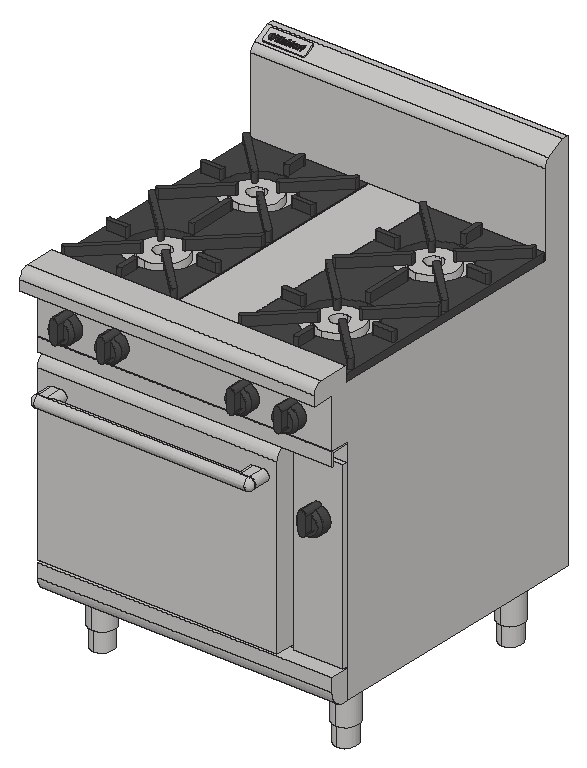
Revit family "QF_MOFFAT WALDORF_RN8510G", category Specialty Equipment, Revit 2012 (continued)
Definition of nested family "WALDORF LOGO"
  Forms (mm)
    Extrusion 2, solid, material "QF_Finishes_Black", visible <- "Show Logo"
      sketch origin (0, -15.961, 9.072) x (1, 0, 0) y (0, 0.863373, 0.504566)
        loop
          line (84.549, 17.844) -> (84.549, 19.813) -> (81.255, 19.813)
        loop
          line (90.249, 19.813) -> (88.91, 19.813) -> (88.91, 17.614) -> (90.249, 17.614) -> (90.249, 10.301) -> (93.998, 10.301) -> (93.998, 17.614) -> (95.418, 17.614) -> (95.418, 19.813) -> (93.998, 19.813)
          arc (93.998, 19.813) -> (94.414, 20.817) -> (95.418, 21.233) r 1.42
          line (95.418, 21.233) -> (95.418, 23.602) -> (93.317, 23.602)
          arc (93.317, 23.602) -> (91.343, 22.903) -> (90.249, 21.118) r 3.137
          line (90.249, 21.118) -> (90.249, 19.813)
        loop
          arc (15.241, 23.571) -> (8.392, 16.525) -> (15.241, 9.479) r 7.049
          line (15.241, 9.479) -> (15.241, 23.571)
        loop
          line (15.641, 23.571) -> (15.641, 9.479)
          arc (15.641, 9.479) -> (22.49, 16.525) -> (15.641, 23.571) r 7.049
        loop
          arc (47.922, 14.711) -> (46.266, 13.749) -> (47.922, 12.787) r 1.107
          line (47.922, 12.787) -> (47.922, 14.711)
      from 0 to 0.2
  Dimensions and locks
    equal spacing: plane 3 "LEFT", plane 7 "Center Y", plane 4 "RIGHT"
    plane 3 "LEFT" to plane 4 "RIGHT" = 109 mm
    equal spacing: plane 5 "FRONT", plane 8 "Center X", plane 1 "BACK"
    plane 5 "FRONT" to plane 1 "BACK" = 1.588 mm
    aligned and locked: level to plane 2
  Automatic sketch dimensions
    Extrusion 1 sketch curve to plane 3 "LEFT" = 0 mm
    Extrusion 1 sketch curve to plane 4 "RIGHT" = 0 mm
    plane 3 "LEFT" to Extrusion 1 sketch curve = 5 mm  (x2)
    plane 4 "RIGHT" to Extrusion 1 sketch curve = 5 mm  (x2)
    Extrusion 1 sketch curve to Extrusion 1 sketch curve = 24.14 mm
    Extrusion 2 sketch curve to Extrusion 2 sketch curve = 0 mm  (x14)
    Extrusion 2 sketch curve to Extrusion 1 = 15.241 mm
    Extrusion 2 sketch curve to Extrusion 2 sketch curve = 0.2 mm
    Extrusion 2 sketch curve to Extrusion 2 sketch curve = 0.4 mm
    Extrusion 2 sketch curve to Extrusion 2 sketch curve = 9.131 mm
    Extrusion 2 sketch curve to Extrusion 1 = 10.301 mm  (x2)
    Extrusion 2 sketch curve to Extrusion 2 sketch curve = 12.351 mm
    Extrusion 2 sketch curve to Extrusion 2 sketch curve = 3.628 mm
    Extrusion 2 sketch curve to Extrusion 2 sketch curve = 2.084 mm
    Extrusion 2 sketch curve to Extrusion 2 sketch curve = 3.559 mm
    Extrusion 2 sketch curve to Extrusion 1 = 10.926 mm  (x2)
    Extrusion 2 sketch curve to Extrusion 2 sketch curve = 3.352 mm  (x2)
    Extrusion 2 sketch curve to Extrusion 2 sketch curve = 3.367 mm
    Extrusion 2 sketch curve to Extrusion 2 sketch curve = 3.249 mm
    Extrusion 2 sketch curve to Extrusion 2 sketch curve = 3.654 mm
    Extrusion 2 sketch curve to Extrusion 1 = 15.33 mm
    Extrusion 2 sketch curve to Extrusion 2 sketch curve = 3.233 mm
    Extrusion 2 sketch curve to Extrusion 2 sketch curve = 4.128 mm
    Extrusion 2 sketch curve to Extrusion 2 sketch curve = 3.725 mm
    Extrusion 2 sketch curve to Extrusion 2 sketch curve = 5.596 mm
    Extrusion 2 sketch curve to Extrusion 2 sketch curve = 4.333 mm
    Extrusion 2 sketch curve to Extrusion 2 sketch curve = 1.394 mm
    Extrusion 2 sketch curve to Extrusion 2 sketch curve = 2.092 mm
    Extrusion 2 sketch curve to Extrusion 2 sketch curve = 0.936 mm
    Extrusion 2 sketch curve to Extrusion 2 sketch curve = 1.34 mm
    Extrusion 2 sketch curve to Extrusion 2 sketch curve = 1.109 mm
    Extrusion 2 sketch curve to Extrusion 2 sketch curve = 0.232 mm
    Extrusion 2 sketch curve to Extrusion 2 sketch curve = 2.731 mm
    Extrusion 2 sketch curve to Extrusion 2 sketch curve = 0.549 mm  (x2)
    Extrusion 2 sketch curve to Extrusion 2 sketch curve = 0.407 mm
    Extrusion 2 sketch curve to Extrusion 2 sketch curve = 0.76 mm
    Extrusion 2 sketch curve to Extrusion 2 sketch curve = 1.334 mm
    Extrusion 2 sketch curve to Extrusion 2 sketch curve = 4.219 mm
    Extrusion 2 sketch curve to Extrusion 2 sketch curve = 5.142 mm
    Extrusion 2 sketch curve to Extrusion 2 sketch curve = 0.803 mm
    Extrusion 2 sketch curve to Extrusion 2 sketch curve = 1.558 mm
    Extrusion 2 sketch curve to Extrusion 2 sketch curve = 3.504 mm
    Extrusion 2 sketch curve to Extrusion 2 sketch curve = 6.245 mm
    Extrusion 2 sketch curve to Extrusion 2 sketch curve = 6.632 mm
    Extrusion 2 sketch curve to Extrusion 2 sketch curve = 3.294 mm
    Extrusion 2 sketch curve to Extrusion 2 sketch curve = 3.579 mm
    Extrusion 2 sketch curve to Extrusion 2 sketch curve = 2.313 mm
    Extrusion 2 sketch curve to Extrusion 2 sketch curve = 2.612 mm
    Extrusion 2 sketch curve to Extrusion 2 sketch curve = 0.852 mm
    Extrusion 2 sketch curve to Extrusion 2 sketch curve = 0.897 mm
    Extrusion 2 sketch curve to Extrusion 2 sketch curve = 3.102 mm
    Extrusion 2 sketch curve to Extrusion 2 sketch curve = 1.338 mm
    Extrusion 2 sketch curve to Extrusion 2 sketch curve = 3.068 mm
    Extrusion 2 sketch curve to Extrusion 2 sketch curve = 0.681 mm
    Extrusion 2 sketch curve to Extrusion 2 sketch curve = 3.749 mm
    Extrusion 2 sketch curve to Extrusion 2 sketch curve = 1.42 mm
    Extrusion 2 sketch curve to Extrusion 2 sketch curve = 5.029 mm  (x2)
    Extrusion 2 sketch curve to Extrusion 1 = 9.479 mm
    Extrusion 2 sketch curve to Extrusion 2 sketch curve = 3.681 mm
    Extrusion 2 sketch curve to Extrusion 2 sketch curve = 0.515 mm
    Extrusion 2 sketch curve to Extrusion 2 sketch curve = 0.804 mm
    Extrusion 2 sketch curve to Extrusion 2 sketch curve = 1.062 mm
    Extrusion 2 sketch curve to Extrusion 2 sketch curve = 1.682 mm
    Extrusion 2 sketch curve to Extrusion 2 sketch curve = 2.508 mm
    Extrusion 2 sketch curve to Extrusion 2 sketch curve = 0.962 mm
    Extrusion 2 sketch curve to Extrusion 2 sketch curve = 2.528 mm
    Extrusion 2 sketch curve to Extrusion 2 sketch curve = 3.875 mm
    Extrusion 2 sketch curve to Extrusion 2 sketch curve = 1.096 mm
    Extrusion 2 sketch curve to Extrusion 2 sketch curve = 0.123 mm
    Extrusion 2 sketch curve to Extrusion 2 sketch curve = 4.922 mm
    Extrusion 2 sketch curve to Extrusion 2 sketch curve = 7.046 mm
    Extrusion 2 sketch curve to Extrusion 2 sketch curve = 0.833 mm
    Extrusion 2 sketch curve to Extrusion 2 sketch curve = 0.776 mm
    Extrusion 2 sketch curve to Extrusion 2 sketch curve = 2.034 mm
    Extrusion 2 sketch curve to Extrusion 2 sketch curve = 7.314 mm
    Extrusion 2 sketch curve to Extrusion 2 sketch curve = 1.295 mm
    Extrusion 2 sketch curve to Extrusion 2 sketch curve = 0.749 mm
    Extrusion 2 sketch curve to Extrusion 2 sketch curve = 2.633 mm
    Extrusion 2 sketch curve to Extrusion 2 sketch curve = 2.198 mm  (x2)
    Extrusion 2 sketch curve to Extrusion 2 sketch curve = 1.968 mm
    Extrusion 2 sketch curve to Extrusion 2 sketch curve = 0.653 mm
    Extrusion 2 sketch curve to Extrusion 2 sketch curve = 1.305 mm
    Extrusion 2 sketch curve to Extrusion 2 sketch curve = 4.357 mm
    Extrusion 2 sketch curve to Extrusion 2 sketch curve = 6.159 mm
    radius of Extrusion 2 sketch curve = 5 mm
Definition of nested family "RNL8400G-CB-CASTERS"
  Parameters (values of type "BTL8450-CB-CASTERS")
    Weight = ""
    URL Manufacturer = ""
    URL Cutsheet = ""
    URL = ""
    Type Mark [instance] = ""
    Status [instance] = ""
    Specification by User [instance] = ""
    Specification by Manufacturer = ""
    Show Casters [instance] = no
    Serial Number = ""
    Seismic Rating = ""
    SMACNA No = ""
    Revision Code [instance] = ""
    Omniclass Number and Title = ""
    NAFEM Spec ID Number = ""
    Model = ""
    MasterSpec. = ""
    Manufacturer = ""
    Item Number [instance] = ""
    Installed By [instance] = ""
    Identify Quantity as Lot [instance] = yes
    Furnished By [instance] = ""
    Foodservice Equipment Identifier [instance] = yes
    Description = ""
    CSI MasterFormat = ""
    CSI Master Format = ""
    Assembly Code = ""
  Reference planes
    plane 1: z = 0
    plane 2 "RIGHT": x = 0
    plane 3 "FRONT": y = 0
    plane 4 "TOP": z = 177.8
  Forms (mm)
    Revolve 1, solid, material "QF_Finishes_Stainless Steel", visible <- "Show Casters"
      sketch origin (0, 56.335, 0) x (0, 1, 0) y (0, 0, 1)
        loop
          line (-56.335, 152.4) -> (-56.335, 141.118) -> (-23.798, 141.118) -> (-23.798, 152.4) -> (-56.335, 152.4)
        axis (-56.335, 141.118) -> (-56.335, 152.4)
      angle from 0 to 360
    Extrusion 2, solid, material "QF_Finishes_Stainless Steel", visible <- "Show Casters"
      sketch origin (-46.049, 56.335, 0) x (0, 1, 0) y (0, 0, 1)
        loop
          line (-85.799, 141.118) -> (-85.799, 133.498) -> (-82.136, 133.498)
          arc (-82.136, 133.498) -> (-79.344, 132.328) -> (-77.146, 130.248) r 8.432
          line (-77.146, 130.248) -> (-39.502, 49.52)
          arc (-39.502, 49.52) -> (-13.784, 46.107) -> (-5.673, 70.75) r 20.32
          arc (-5.673, 70.75) -> (-7.065, 73.611) -> (-8.887, 76.22) r 20.32
          arc (-8.887, 76.22) -> (-9.399, 85.377) -> (-6.626, 94.119) r 25.4
          line (-6.626, 94.119) -> (8.003, 121.632)
          arc (8.003, 121.632) -> (-2.347, 126.31) -> (-13.34, 129.167) r 66.802
          line (-13.34, 129.167) -> (-13.765, 133.498) -> (-26.871, 133.498) -> (-26.871, 141.118) -> (-85.799, 141.118)
      from 20.058 to 22.923
    Extrusion 3, solid, material "QF_Finishes_Stainless Steel", visible <- "Show Casters"
      sketch origin (3.326, 56.335, 0) x (0, 1, 0) y (0, 0, 1)
        loop
          line (-85.799, 141.118) -> (-85.799, 133.498) -> (-82.136, 133.498)
          arc (-82.136, 133.498) -> (-79.344, 132.328) -> (-77.146, 130.248) r 8.432
          line (-77.146, 130.248) -> (-39.502, 49.52)
          arc (-39.502, 49.52) -> (-13.784, 46.107) -> (-5.673, 70.75) r 20.32
          arc (-5.673, 70.75) -> (-7.065, 73.611) -> (-8.887, 76.22) r 20.32
          arc (-8.887, 76.22) -> (-9.399, 85.377) -> (-6.626, 94.119) r 25.4
          line (-6.626, 94.119) -> (8.003, 121.632)
          arc (8.003, 121.632) -> (-2.347, 126.31) -> (-13.34, 129.167) r 66.802
          line (-13.34, 129.167) -> (-13.765, 133.498) -> (-26.871, 133.498) -> (-26.871, 141.118) -> (-85.799, 141.118)
      from 20.058 to 22.923
    Extrusion 4, solid, material "QF_Finishes_Stainless Steel", visible <- "Show Casters"
      sketch origin (-49.224, 56.335, 0) x (0, 1, 0) y (0, 0, 1)
        loop
          line (-85.799, 141.118) -> (-85.799, 133.498) -> (-82.136, 133.498) -> (-18.877, 127.964) -> (7.14, 120.01) -> (8.003, 121.632)
          arc (8.003, 121.632) -> (-2.347, 126.31) -> (-13.34, 129.167) r 66.802
          line (-13.34, 129.167) -> (-13.765, 133.498) -> (-26.871, 133.498) -> (-26.871, 141.118) -> (-85.799, 141.118)
      from 26.098 to 72.56
    Revolve 5, solid, material "QF_Finishes_Stainless Steel", visible <- "Show Casters"
      sketch origin (-49.224, 30.821, 0) x (1, 0, 0) y (0, 0, 1)
        loop
          line (14.841, 63.604) -> (83.584, 63.604) -> (83.584, 67.109) -> (82.314, 68.379) -> (80.79, 68.379) -> (80.79, 71.826) -> (68.644, 71.826) -> (68.644, 81.79) -> (65.088, 83.843) -> (61.683, 104.879) -> (65.881, 104.879) -> (65.881, 111.229) -> (65.088, 111.229) -> (65.088, 117.579)
          arc (65.088, 117.579) -> (62.298, 124.314) -> (55.563, 127.104) r 9.525
          line (55.563, 127.104) -> (42.863, 127.104)
          arc (42.863, 127.104) -> (36.127, 124.314) -> (33.338, 117.579) r 9.525
          line (33.338, 117.579) -> (33.338, 111.229) -> (32.544, 111.229) -> (32.544, 104.879) -> (36.742, 104.879) -> (33.352, 83.932) -> (29.782, 81.871) -> (29.782, 71.826) -> (17.635, 71.826) -> (17.635, 68.379) -> (16.111, 68.379) -> (14.841, 67.109) -> (14.841, 63.604)
        axis (14.841, 63.604) -> (83.584, 63.604)
      angle from 0 to 360
  Cuts and joins
    joined: Extrusion 2, Extrusion 3, Extrusion 4
  Lines and regions (mm)
    symbolic lines, style "SpecialityEquipmentHiddenLines", visible <- "Show Casters"
      curve 1: line (18.009, 67.053, 0) -> (45.595, 51.127, 0)
      curve 2: line (-45.491, -42.932, 0) -> (18.009, 67.053, 0)
      curve 3: line (-17.905, -58.859, 0) -> (-45.491, -42.932, 0)
      curve 4: line (45.595, 51.127, 0) -> (-17.905, -58.859, 0)
  Dimensions and locks
    plane 4 "TOP" to level = 177.8 mm  (x2)
    Revolve 5 sketch curve to Revolve 5 sketch curve = 63.5 mm
    aligned and locked: level to plane 1
